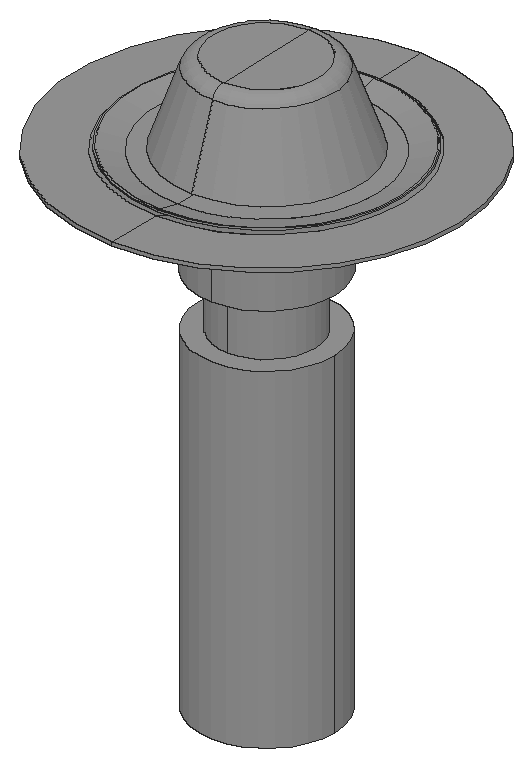
Revit family "HL_RU_Roof drain_HL69-B-221103", category Sanitärinstallationen, Revit 2020
Family settings
  Bemaßung runder Anschluss = Durchmesser verwenden
  Teiletyp = Normal
  OmniClass-Nummer = 23.70.50.21.24.14
  OmniClass-Titel = Deck Waste Water Drains
  Arbeitsebenenbasiert = Nein
  Immer vertikal = Ja
  Beim Laden mit Abzugskörper schneiden = Nein
  Gemeinsam genutzt = Nein
  Raumberechnungspunkt = Ja
Parameters (values of type "HL_Кровельная воронка_HL69_2")
  РЕШЁТКА = "Laubfangkorb d 145 mm"
  РАЗМЕР = "für DN125"
  ПРОПУСКНАЯ СПОСОБНОСТЬ [instance] = 0.0 L/s
  ПРОИЗВОДИТЕЛЬНОСТЬ = "11,0 l/s"
  ПРАВОВАЯ ИНФОРМАЦИЯ = "Авторские права(©), права на дизайн или какие либо другие права интелектуальной собственности являются исключительной собственностью компании HL Hutterer & Lechner. Изменению не подлежит. Файл семейства с данными о прозводителе изделия защищен паролем с водяным знаком."
  НОМИНАЛЬНЫЙ ДИАМЕТР = 125 mm
  МАТЕРИАЛ = "PP"
  ВЫСОТА МОНТАЖА = "301 mm"
  ВЕС = "1,88 [kg]"
  Vorgabe-Ansicht = 0 mm
  Hersteller = "HL Hutterer & Lechner GmbH"  # constant formula
  URL = "http://www.hutterer-lechner.com/ru/products/catalog/roof-drains/HL69/2.aspx"
  Материал плитка [instance] = none
  Lüftungsverbindung = no
  Abwasserrohrverbindung = yes
  HW-Verbindung = no
  KW-Verbindung = no
  Beschreibung = "Кровельные воронки"
  Model = "HL69_2"
  Assembly Code = " "
  Typenkommentare = "HL69/2, \"Ремонтная\" кровельная воронка для DN125."
  Keynote = "HL69_2"
  Bысота монтажа [instance] = 0 mm
  G [instance] = 180.00°  # constant formula
  EAN = "9003076004522"
  D [instance] = if(НОМИНАЛЬНЫЙ ДИАМЕТР = 110 mm, 358.8 mm, if(НОМИНАЛЬНЫЙ ДИАМЕТР = 125 mm, 358.8 mm, 245 mm)) + Bысота монтажа  # 358.8 mm
  C [instance] = if(Bысота монтажа - 68 mm < 0 mm, 0 mm, Bысота монтажа - 68 mm)  # 0 mm
  B [instance] = 100 mm  # constant formula
  A [instance] = if(B - 100 mm > 15 mm, B - 100 mm, 15 mm)  # 15 mm
Types (5, lengths in mm): name | РАЗМЕР | ПРОИЗВОДИТЕЛЬНОСТЬ | НОМИНАЛЬНЫЙ ДИАМЕТР | ВЕС | URL | Model | Typenkommentare | Keynote | EAN | D
  (no name) | "für DN125" | "11,0 l/s" | 125 | "1,88 [kg]" | "http://www.hutterer-lechner.com/ru/products/catalog/roof-drains/HL69/2.aspx" | "HL69_2" | "HL69/2, \"Ремонтная\" кровельная воронка для DN125." | "HL69_2" | "9003076004522" | 358.8
  HL_Кровельная воронка_HL69_1 | "für DN110" | "7,8 l/s" | 110 | "1,78 [kg]" | "http://www.hutterer-lechner.com/ru/products/catalog/roof-drains/HL69/1.aspx" | "HL69_1" | "HL69/1 \"Ремонтная\" кровельная воронка для DN110.," | "HL69_1" | "9003076004515" | 358.8
  HL_Кровельная воронка_HL69_2 | "für DN125" | "11,0 l/s" | 125 | "1,88 [kg]" | "http://www.hutterer-lechner.com/ru/products/catalog/roof-drains/HL69/2.aspx" | "HL69_2" | "HL69/2, \"Ремонтная\" кровельная воронка для DN125." | "HL69_2" | "9003076004522" | 358.8
  HL_Кровельная воронка_HL69_5 | "für DN160" | "10,3 l/s" | 160 | "2,27 [kg]" | "http://www.hutterer-lechner.com/ru/products/catalog/roof-drains/HL69/5.aspx" | "HL69_5" | "HL69/5, \"Ремонтная\" кровельная воронка для DN160." | "HL69_5" | "9003076008261" | 245
  HL_Кровельная воронка_HL69_7 | "für DN75" | "7,5 l/s" | 75 | "1,52 [kg]" | "http://www.hutterer-lechner.com/ru/products/catalog/roof-drains/HL69/7.aspx" | "HL69_7" | "HL69/7, \"Ремонтная\" кровельная воронка для DN75." | "HL69_7" | "9003076004508" | 245
Reference planes
  plane 1 "Center (Front/Back)": y = 0
  plane 2: z = 0
  plane 3 "Center (Left/Right)": x = 0
  plane 4: z = -100
  plane 5: z = 0
Lines and regions (mm)
  model lines, style "InvisibleLines"
    curve 1: line (0, 0, 0) -> (0, 0, 20)
  model lines, style "PlumbingFixtures", detail levels coarse+medium
    curve 2: line (0, 0, -100) -> (0, 0, -85)
    curve 3: line (0, 0, -85) -> (-85, 0, 0)
    curve 4: line (0, 0, -85) -> (85, 0, 0)
    curve 6: line (0, 0, -100) -> (0, 0, -458.8)
  reference lines, not visible
    curve 5: line (0, 0, -100) -> (0, 0, -458.8)
  symbolic lines, style "PlumbingFixtures", detail levels coarse+medium
    curve 7: line (-75, 75, 0) -> (75, 75, 0)
    curve 8: line (-75, -75, 0) -> (-75, 75, 0)
    curve 9: line (75, -75, 0) -> (-75, -75, 0)
    curve 10: line (75, 75, 0) -> (75, -75, 0)
    curve 11: line (-75, 75, 0) -> (-145.711, 145.711, 0)
    curve 12: line (75, 75, 0) -> (145.711, 145.711, 0)
    curve 13: line (-75, -75, 0) -> (-145.711, -145.711, 0)
    curve 14: line (75, -75, 0) -> (145.711, -145.711, 0)
  symbolic lines, style "PlumbingFixtures", not visible, detail levels coarse+medium
    curve 15: line (-75, 75, 0) -> (75, 75, 0)
    curve 16: line (-75, -75, 0) -> (-75, 75, 0)
    curve 17: line (75, -75, 0) -> (-75, -75, 0)
    curve 18: line (75, 75, 0) -> (75, -75, 0)
    curve 19: line (-75, 75, 0) -> (-145.711, 145.711, 0)
    curve 20: line (75, 75, 0) -> (145.711, 145.711, 0)
    curve 21: line (-75, -75, 0) -> (-145.711, -145.711, 0)
    curve 22: line (75, -75, 0) -> (145.711, -145.711, 0)
Text (mm)
  text "FLOOR" at (-162.344, 0, -10.979), in view "Drain Construction View"
Dimensions and locks
  "B": plane 2 to plane 4
  "Bысота монтажа": plane 2 to plane 5
  "A": curve 4 to plane 4
  "D": curve 5 to curve 5
  "D": curve 6 to curve 6
  locked: curve 4 to plane 3 "Center (Left/Right)" (angle 45.00°)
  locked: plane 3 "Center (Left/Right)" to curve 3 (angle 45.00°)
  "G": angle curve 5 to plane 3 "Center (Left/Right)"
  aligned and locked: level to plane 2
  aligned and locked: plane 2 to curve 4
  aligned and locked: plane 2 to curve 3
  aligned and locked: plane 4 to curve 5
  aligned and locked: plane 3 "Center (Left/Right)" to curve 5
  aligned and locked: plane 4 to curve 2
  aligned and locked: curve 6 to plane 3 "Center (Left/Right)"
  aligned and locked: curve 6 to plane 4
  aligned and locked: plane 5 to nested 1
  aligned and locked: nested 1 to plane 3 "Center (Left/Right)"
  aligned and locked: plane 2 to nested 2
  aligned and locked: plane 3 "Center (Left/Right)" to nested 2
Automatic sketch dimensions
  curve 2 to plane 3 "Center (Left/Right)" = 0 mm
  curve 1 to plane 3 "Center (Left/Right)" = 0 mm
  curve 1 to level = 0 mm
  level to curve 1 = 20 mm
Nested families
  nested 1: "HL_кровельные воронки - корпус_HL69" at (0, 0, 0), НОМИНАЛЬНЫЙ ДИАМЕТР <- "НОМИНАЛЬНЫЙ ДИАМЕТР", type "HL_кровельные воронки - корпус_HL69"
    with НОМИНАЛЬНЫЙ ДИАМЕТР 125 mm, C no, B no, A yes
  nested 2: "HL_Вспомогательные материалы-Противопожарная защита_HL062.1E" at (0, 0, 0), type "HL_Вспомогательные материалы-Противопожарная защита_HL062.1E"
Connectors
  piping at (0, 0, -458.8), diameter 125, driven by "ПРОПУСКНАЯ СПОСОБНОСТЬ", driven by "НОМИНАЛЬНЫЙ ДИАМЕТР"
    settings: on curve 5, index 1, connector inside diameter 609.6 mm, connector length 0 mm, flow factor 0, pipe flow 0.0 L/s, pressure drop 0.0 Pa, fitting loss kfactor 0, connector angle 0.00°, fixture units 0, engagement length 0 mm, angle of deflection 0.00°, flow configuration 1, flow direction 2, fitting loss method 0, system type 16, joint type 0, gender type 0, connector reference index -1, connector utility 0, adjustable connector yes, is connector primary yes, connector description ""
Definition of nested family "HL_кровельные воронки - корпус_HL69"
  Parameters (values of type "HL_кровельные воронки - корпус_HL69")
    НОМИНАЛЬНЫЙ ДИАМЕТР [instance] = 110 mm
    Default Elevation = 0 mm
    Manufacturer = ""
    URL = ""
    Description = ""
    Model = ""
    Type Comments = ""
    Cost = 0
    C [instance] = if(НОМИНАЛЬНЫЙ ДИАМЕТР = 160 mm, (1 = 1), 0 = 1)  # no
    B [instance] = if(НОМИНАЛЬНЫЙ ДИАМЕТР = 75 mm, (1 = 1), 0 = 1)  # no
    A [instance] = if(or(НОМИНАЛЬНЫЙ ДИАМЕТР = 125 mm, НОМИНАЛЬНЫЙ ДИАМЕТР = 110 mm), (1 = 1), 0 = 1)  # yes
  Reference planes
    plane 1 "Střed (vpředu/vzadu)": y = 0
    plane 2: z = 0
    plane 3 "Střed (vlevo/vpravo)": x = 0
  Forms (mm)
    Revolve 1, solid, detail levels fine
      sketch origin (0, 0, 0) x (0, 1, 0) y (0, 0, 1)
        loop
          line (0, -44) -> (80.91, -44) -> (80.91, -36.232) -> (101.88, -36.232) -> (101.88, -9.83) -> (77.75, -25.5) -> (77.75, -41) -> (0, -41) -> (0, -44)
        axis (0, -9.83) -> (0, -44)
      angle from 0 to 360
    Revolve 2, solid, detail levels fine
      sketch origin (0, 0, 0) x (0, 1, 0) y (0, 0, 1)
        loop
          line (124.573, 3.426) -> (123.3, 3.426) -> (101.8, -1.8) -> (79.003, -1.8) -> (79.003, -22.781) -> (74.487, -22.781) -> (74.487, -28.8) -> (75.498, -28.8) -> (75.498, -23.8) -> (80.006, -23.8) -> (80.006, -3) -> (101.756, -3) -> (124.573, 2.058) -> (124.573, 3.426)
        axis (0, 3.426) -> (0, -28.8)
      angle from 0 to 360
    Revolve 3, solid, detail levels fine
      sketch origin (0, 0, 0) x (0, 1, 0) y (0, 0, 1)
        loop
          line (177, -3) -> (177, 0) -> (127.563, 0) -> (101.88, -9.83) -> (101.88, -13.425) -> (130.522, -3) -> (177, -3)
        axis (0, 0) -> (0, -13.425)
      angle from 0 to 360
    Revolve 4, solid, visible <- "A", detail levels fine
      sketch origin (0, -420, 0) x (0, 1, 0) y (0, 0, 1)
        loop
          line (483.14, -99) -> (483.14, -61.957) -> (493.507, -44) -> (420, -44) -> (420, -99) -> (483.14, -99)
        axis (420, -44) -> (420, -99)
      angle from 0 to 360
    Extrusion 5, solid, visible <- "A", detail levels fine
      sketch origin (0, 0, -99) x (0, 1, 0) y (1, 0, 0)
        loop
          circle (0, 0) r 44.902
      from 0 to 50
    Extrusion 6, solid, visible <- "A", detail levels fine
      sketch origin (0, 0, -149) x (-1, 0, 0) y (0, 1, 0)
        loop
          circle (0, 0) r 55
      from 0 to 309.811
    Revolve 7, solid, visible <- "B", detail levels fine
      sketch origin (0, 0, 0) x (0, 1, 0) y (0, 0, 1)
        loop
          line (28.14, -95.1) -> (62.41, -44) -> (0, -44) -> (0, -345) -> (35.84, -345) -> (35.84, -115.1) -> (28.14, -115.1) -> (28.14, -95.1)
        axis (0, -44) -> (0, -345)
      angle from 0 to 360
    Revolve 8, solid, visible <- "C", detail levels fine
      sketch origin (0, 0, 0) x (0, 1, 0) y (0, 0, 1)
        loop
          line (73.507, -44) -> (0, -44) -> (0, -345) -> (81.007, -345) -> (81.007, -106.5) -> (63.507, -106.5) -> (63.507, -66) -> (73.507, -66) -> (73.507, -44)
        axis (0, -44) -> (0, -345)
      angle from 0 to 360
  Dimensions and locks
    "НОМИНАЛЬНЫЙ ДИАМЕТР": diameter of Extrusion 6 sketch curve
    aligned and locked: level to plane 2
  Automatic sketch dimensions
    Revolve 1 sketch curve to plane 1 "Střed (vpředu/vzadu)" = 0 mm  (x2)
    Revolve 1 sketch curve to plane 1 "Střed (vpředu/vzadu)" = 77.75 mm
    Revolve 1 sketch curve to Revolve 1 sketch curve = 3.16 mm
    Revolve 1 sketch curve to level = 9.83 mm
    Revolve 1 sketch curve to Revolve 1 sketch curve = 24.13 mm
    Revolve 1 sketch curve to level = 25.5 mm
    Revolve 1 sketch curve to Revolve 1 sketch curve = 10.732 mm
    Revolve 1 sketch curve to level = 41 mm
    Revolve 1 sketch curve to Revolve 1 sketch curve = 3 mm
    level to Revolve 1 sketch curve = 139.054 mm
    Revolve 1 sketch curve to Revolve 1 sketch curve = 80 mm
    Revolve 2 sketch curve to plane 1 "Střed (vpředu/vzadu)" = 0 mm
    Revolve 2 sketch curve to level = 22.781 mm
    Revolve 2 sketch curve to plane 1 "Střed (vpředu/vzadu)" = 74.487 mm
    Revolve 2 sketch curve to Revolve 2 sketch curve = 1.012 mm
    Revolve 2 sketch curve to Revolve 2 sketch curve = 3.505 mm
    Revolve 2 sketch curve to Revolve 2 sketch curve = 1.003 mm
    Revolve 2 sketch curve to level = 3 mm
    Revolve 2 sketch curve to Revolve 2 sketch curve = 21.75 mm
    Revolve 2 sketch curve to Revolve 2 sketch curve = 0.044 mm
    level to Revolve 2 sketch curve = 3.426 mm
    Revolve 2 sketch curve to Revolve 2 sketch curve = 21.5 mm
    Revolve 2 sketch curve to Revolve 2 sketch curve = 1.273 mm
    Revolve 2 sketch curve to Revolve 2 sketch curve = 1.019 mm
    Revolve 2 sketch curve to Revolve 2 sketch curve = 5 mm
    Revolve 2 sketch curve to Revolve 2 sketch curve = 1.2 mm
    Revolve 2 sketch curve to Revolve 2 sketch curve = 1.368 mm
    level to Revolve 2 sketch curve = 30.586 mm
    Revolve 2 sketch curve to Revolve 2 sketch curve = 22.614 mm
    Revolve 3 sketch curve to plane 1 "Střed (vpředu/vzadu)" = 0 mm
    level to Revolve 3 sketch curve = 0 mm
    Revolve 3 sketch curve to level = 13.425 mm
    Revolve 3 sketch curve to plane 1 "Střed (vpředu/vzadu)" = 101.88 mm
    Revolve 3 sketch curve to Revolve 3 sketch curve = 25.683 mm
    Revolve 3 sketch curve to level = 3 mm
    Revolve 3 sketch curve to Revolve 3 sketch curve = 2.96 mm
    Revolve 3 sketch curve to Revolve 3 sketch curve = 46.478 mm
    Revolve 3 sketch curve to Revolve 3 sketch curve = 3.595 mm
    level to Revolve 3 sketch curve = 51.784 mm
    Revolve 3 sketch curve to Revolve 3 sketch curve = 30 mm
    Revolve 4 sketch curve to plane 1 "Střed (vpředu/vzadu)" = 0 mm  (x2)
    Revolve 4 sketch curve to plane 1 "Střed (vpředu/vzadu)" = 63.14 mm
    Revolve 4 sketch curve to Revolve 4 sketch curve = 10.367 mm
    Revolve 4 sketch curve to level = 99 mm
    Revolve 4 sketch curve to Revolve 4 sketch curve = 37.043 mm
    Revolve 4 sketch curve to level = 44 mm
    level to Revolve 4 sketch curve = 139.054 mm
    Revolve 4 sketch curve to Revolve 4 sketch curve = 80 mm
    Revolve 7 sketch curve to plane 1 "Střed (vpředu/vzadu)" = 0 mm
    Revolve 7 sketch curve to plane 1 "Střed (vpředu/vzadu)" = 28.14 mm
    Revolve 7 sketch curve to plane 1 "Střed (vpředu/vzadu)" = 35.84 mm
    Revolve 7 sketch curve to Revolve 7 sketch curve = 34.27 mm
    Revolve 7 sketch curve to level = 345 mm
    Revolve 7 sketch curve to level = 115.1 mm
    Revolve 7 sketch curve to Revolve 7 sketch curve = 20 mm
    Revolve 7 sketch curve to level = 44 mm
    Revolve 8 sketch curve to plane 1 "Střed (vpředu/vzadu)" = 0 mm
    Revolve 8 sketch curve to plane 1 "Střed (vpředu/vzadu)" = 63.507 mm
    Revolve 8 sketch curve to Revolve 8 sketch curve = 10 mm
    Revolve 8 sketch curve to plane 1 "Střed (vpředu/vzadu)" = 81.007 mm
    Revolve 8 sketch curve to level = 345 mm
    Revolve 8 sketch curve to Revolve 8 sketch curve = 40.5 mm
    Revolve 8 sketch curve to Revolve 8 sketch curve = 22 mm
    Revolve 8 sketch curve to level = 44 mm
    radius of Extrusion 5 sketch curve to Revolve 4 = 18.238 mm
Definition of nested family "HL_Вспомогательные материалы-Противопожарная защита_HL062.1E"
  Parameters
    ПРАВОВАЯ ИНФОРМАЦИЯ = ""
    ВЕС = "0,097 [kg]"
    Default Elevation = 0 mm
    Manufacturer = ""
    URL = ""
    Материал плитка = none
    Description = ""
    Model = ""
    Type Comments = "HL062.1E, domed plastic grate"
    Keynote = ""
    Пропускная способность [instance] = 0.0 L/s
    EAN = "9003076006212"
    Cost = 0
  Types (2, lengths in mm): name | ПРАВОВАЯ ИНФОРМАЦИЯ | Manufacturer | URL | Description | Model | Type Comments | Keynote
    (no name) | "" | "" | "" | "" | "" | "HL062.1E, domed plastic grate" | ""
    HL_Вспомогательные материалы-Противопожарная защита_HL062.1E | "Авторские права(©), права на дизайн или какие либо другие права интелектуальной собственности являются исключительной собственностью компании HL Hutterer & Lechner. Изменению не подлежит. Файл семейства с данными о прозводителе изделия защищен паролем с водяным знаком." | "HL Hutterer & Lechner GmbH" | "http://www.hutterer-lechner.com/ru/products/catalog/roof-drains/HL062.1E.aspx" | "Кровельные воронки" | "HL062.1E" | "HL062.1E, Листвоуловитель" | "HL062.1E"
  Reference planes
    plane 1 "Střed (vpředu/vzadu)": y = 0
    plane 2: z = 0
    plane 3 "Střed (vlevo/vpravo)": x = 0
  Forms (mm)
    Revolve 1, solid, detail levels fine
      sketch origin (0, 0, 0) x (0, 1, 0) y (0, 0, 1)
        loop
          line (0, 75) -> (0, 60.2) -> (47.074, 60.2) -> (68.985, 0) -> (86.249, 0) -> (61.992, 66.646)
          arc (61.992, 66.646) -> (56.733, 72.731) -> (49.016, 75) r 14.255
          line (49.016, 75) -> (0, 75)
        axis (0, 75) -> (0, 0)
      angle from 0 to 360
    Extrusion 2, solid, detail levels fine
      sketch origin (0, 0, 0) x (0, 1, 0) y (1, 0, 0)
        loop
          circle (0, 0) r 78.587
        loop
          circle (0, 0) r 70.981
      from 0 to 16.7
    Extrusion 3, solid, detail levels fine
      sketch origin (0, 0, -16.7) x (-1, 0, 0) y (0, 1, 0)
        loop
          circle (0, 0) r 70
        loop
          circle (0, 0) r 74.546
      from 0 to 12.3
  Dimensions and locks
    aligned and locked: level to plane 2
